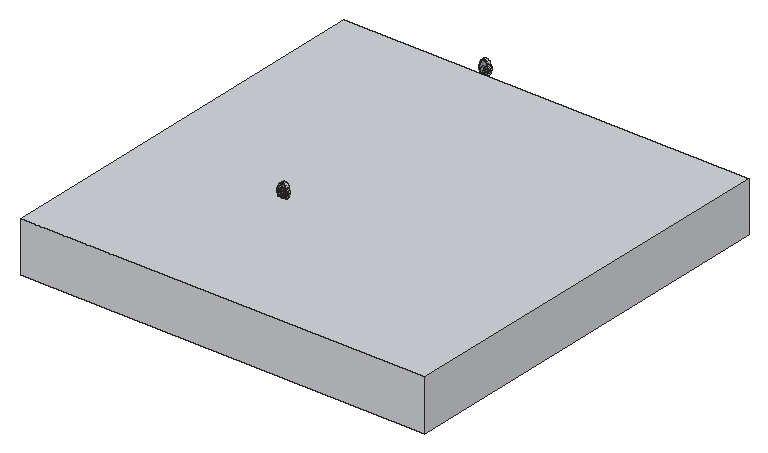
Revit family "Trade II Easy Lock", category Обобщенные модели, Revit 2017
Family settings
  Основа = Грань
  Может служить основой для арматурных стержней = Нет
  Размер круглого соединителя = Использовать диаметр
  Тип детали = Нормальный
  При загрузке вырезать с полостями = Нет
  Общий = Нет
  Точка расчета площади = Нет
Parameters
  Расстояние от светильника до плоскости = Расстояние до плоскости + 72 mm  # 422 mm
  Расстояние до плоскости = 350 mm
  Default Elevation = 1219.2 mm
  Начало профиля = 750 mm
  Начало выделения = Начало профиля  # 750 mm
  Конец профиля = Начало профиля  # 750 mm
  Конец выделения = Конец профиля  # 750 mm
  Длина профиля = Начало профиля * 2  # 1500 mm
Reference planes
  plane 1 "По центру (Вперед/Назад)": y = 0
  plane 2: z = 0
  plane 3 "По центру (Влево/Вправо)": x = 0
  plane 4 "Плоскость низа светильника": z = 350
  plane 5 "Начало выд": y = -750
  plane 6 "Конец выд": y = 750
Forms (mm)
  Extrusion 1, solid
    sketch origin (0, 0, 0) x (1, 0, 0) y (0, 1, 0)
      loop
        line (-1219.2, 1219.2) -> (-1219.2, -1219.2) -> (1219.2, -1219.2) -> (1219.2, 1219.2) -> (-1219.2, 1219.2)
    from 0 to -304.8
  Extrusion 2, solid, material "Каучук, черный"
    sketch origin (0, 750, 0) x (0, 0, -1) y (1, 0, 0)
      loop
        line (-372.479, 21.269) -> (-377.454, 21.269)
        arc (-377.454, 21.269) -> (-378.602, 21.041) -> (-379.576, 20.39) r 3
        line (-379.576, 20.39) -> (-385.35, 14.616)
        arc (-385.35, 14.616) -> (-386.001, 13.642) -> (-386.229, 12.494) r 3
        line (-386.229, 12.494) -> (-386.229, 6.574)
        arc (-386.229, 6.574) -> (-385.204, 4.099) -> (-382.729, 3.074) r 3.5
        line (-382.729, 3.074) -> (-372.479, 3.074) -> (-362.229, 3.074)
        arc (-362.229, 3.074) -> (-359.754, 4.099) -> (-358.729, 6.574) r 3.5
        line (-358.729, 6.574) -> (-358.729, 12.494)
        arc (-358.729, 12.494) -> (-358.957, 13.642) -> (-359.608, 14.616) r 3
        line (-359.608, 14.616) -> (-365.382, 20.39)
        arc (-365.382, 20.39) -> (-366.356, 21.041) -> (-367.504, 21.269) r 3
        line (-367.504, 21.269) -> (-372.479, 21.269)
      loop
        line (-380.435, 13.071) -> (-380.435, 6.514) -> (-377.559, 6.514) -> (-377.559, 13.071) -> (-380.435, 13.071)
      loop
        line (-364.523, 13.071) -> (-367.399, 13.071) -> (-367.399, 6.514) -> (-364.523, 6.514) -> (-364.523, 13.071)
      loop
        line (-371.041, 18.399) -> (-373.917, 18.399) -> (-373.917, 11.843) -> (-371.041, 11.843) -> (-371.041, 18.399)
      loop
        line (-372.479, -21.292) -> (-367.504, -21.292)
        arc (-367.504, -21.292) -> (-366.356, -21.064) -> (-365.382, -20.414) r 3
        line (-365.382, -20.414) -> (-359.608, -14.639)
        arc (-359.608, -14.639) -> (-358.957, -13.666) -> (-358.729, -12.518) r 3
        line (-358.729, -12.518) -> (-358.729, -6.597)
        arc (-358.729, -6.597) -> (-359.754, -4.123) -> (-362.229, -3.097) r 3.5
        line (-362.229, -3.097) -> (-372.479, -3.097) -> (-382.729, -3.097)
        arc (-382.729, -3.097) -> (-385.204, -4.123) -> (-386.229, -6.597) r 3.5
        line (-386.229, -6.597) -> (-386.229, -12.518)
        arc (-386.229, -12.518) -> (-386.001, -13.666) -> (-385.35, -14.639) r 3
        line (-385.35, -14.639) -> (-379.576, -20.414)
        arc (-379.576, -20.414) -> (-378.602, -21.064) -> (-377.454, -21.292) r 3
        line (-377.454, -21.292) -> (-372.479, -21.292)
      loop
        line (-380.435, -13.094) -> (-377.559, -13.094) -> (-377.559, -6.537) -> (-380.435, -6.537) -> (-380.435, -13.094)
      loop
        line (-364.523, -13.094) -> (-364.523, -6.537) -> (-367.399, -6.537) -> (-367.399, -13.094) -> (-364.523, -13.094)
      loop
        line (-371.041, -18.423) -> (-371.041, -11.866) -> (-373.917, -11.866) -> (-373.917, -18.423) -> (-371.041, -18.423)
    from -1 to -15
  Extrusion 3, solid, material "Поликарбонат, прозрачный"
    sketch origin (0, 750, 0) x (0, 0, -1) y (1, 0, 0)
      loop
        arc (-398.752, 21.086) -> (-413.465, 14.795) -> (-419.533, -0.012) r 21.1
        arc (-419.533, -0.012) -> (-413.465, -14.818) -> (-398.752, -21.109) r 21.1
        arc (-398.752, -21.109) -> (-395.801, -23.179) -> (-392.204, -23.41) r 6.666
        arc (-392.204, -23.41) -> (-387.349, -22.848) -> (-383.631, -26.02) r 6.12
        line (-383.631, -26.02) -> (-382.1, -29.159)
        arc (-382.1, -29.159) -> (-381.536, -29.747) -> (-380.75, -29.964) r 1.536
        line (-380.75, -29.964) -> (-372.479, -29.964) -> (-364.208, -29.964)
        arc (-364.208, -29.964) -> (-363.423, -29.748) -> (-362.859, -29.161) r 1.536
        line (-362.859, -29.161) -> (-361.333, -26.017)
        arc (-361.333, -26.017) -> (-357.413, -22.783) -> (-352.402, -23.624) r 6.12
        arc (-352.402, -23.624) -> (-349.184, -24.431) -> (-346.185, -23.012) r 4.919
        arc (-346.185, -23.012) -> (-345.496, -23.055) -> (-344.832, -22.871) r 2.071
        arc (-344.832, -22.871) -> (-344.246, -22.355) -> (-344.028, -21.606) r 1.397
        line (-344.028, -21.606) -> (-344.028, -5.649) -> (-350, -5.649) -> (-350, -0.012) -> (-350, 5.625) -> (-344.028, 5.625) -> (-344.028, 21.583)
        arc (-344.028, 21.583) -> (-344.246, 22.332) -> (-344.832, 22.848) r 1.397
        arc (-344.832, 22.848) -> (-345.496, 23.032) -> (-346.185, 22.988) r 2.071
        arc (-346.185, 22.988) -> (-349.184, 24.408) -> (-352.402, 23.601) r 4.919
        arc (-352.402, 23.601) -> (-357.413, 22.759) -> (-361.333, 25.993) r 6.12
        line (-361.333, 25.993) -> (-362.859, 29.137)
        arc (-362.859, 29.137) -> (-363.423, 29.725) -> (-364.208, 29.94) r 1.536
        line (-364.208, 29.94) -> (-372.479, 29.94) -> (-380.75, 29.94)
        arc (-380.75, 29.94) -> (-381.536, 29.724) -> (-382.1, 29.136) r 1.536
        line (-382.1, 29.136) -> (-383.631, 25.997)
        arc (-383.631, 25.997) -> (-387.349, 22.825) -> (-392.204, 23.386) r 6.12
        arc (-392.204, 23.386) -> (-395.801, 23.156) -> (-398.752, 21.086) r 6.666
    from 0 to -1
  Extrusion 4, solid, material "Поликарбонат, прозрачный"
    sketch origin (0, -750, 0) x (0, 0, -1) y (1, 0, 0)
      loop
        line (-344.028, 5.632) -> (-344.028, 21.59)
        arc (-344.028, 21.59) -> (-344.246, 22.339) -> (-344.832, 22.854) r 1.397
        arc (-344.832, 22.854) -> (-345.496, 23.039) -> (-346.185, 22.995) r 2.071
        arc (-346.185, 22.995) -> (-349.184, 24.415) -> (-352.402, 23.607) r 4.919
        arc (-352.402, 23.607) -> (-357.413, 22.766) -> (-361.333, 26) r 6.12
        line (-361.333, 26) -> (-362.859, 29.144)
        arc (-362.859, 29.144) -> (-363.423, 29.731) -> (-364.208, 29.947) r 1.536
        line (-364.208, 29.947) -> (-372.479, 29.947) -> (-380.75, 29.947)
        arc (-380.75, 29.947) -> (-381.536, 29.731) -> (-382.1, 29.143) r 1.536
        line (-382.1, 29.143) -> (-383.631, 26.003)
        arc (-383.631, 26.003) -> (-387.349, 22.832) -> (-392.204, 23.393) r 6.12
        arc (-392.204, 23.393) -> (-395.801, 23.163) -> (-398.752, 21.093) r 6.666
        arc (-398.752, 21.093) -> (-413.465, 14.802) -> (-419.533, -0.005) r 21.1
        arc (-419.533, -0.005) -> (-413.465, -14.811) -> (-398.752, -21.102) r 21.1
        arc (-398.752, -21.102) -> (-395.801, -23.172) -> (-392.204, -23.403) r 6.666
        arc (-392.204, -23.403) -> (-387.349, -22.841) -> (-383.631, -26.013) r 6.12
        line (-383.631, -26.013) -> (-382.1, -29.153)
        arc (-382.1, -29.153) -> (-381.536, -29.741) -> (-380.75, -29.957) r 1.536
        line (-380.75, -29.957) -> (-372.479, -29.957) -> (-364.208, -29.957)
        arc (-364.208, -29.957) -> (-363.423, -29.741) -> (-362.859, -29.154) r 1.536
        line (-362.859, -29.154) -> (-361.333, -26.01)
        arc (-361.333, -26.01) -> (-357.413, -22.776) -> (-352.402, -23.617) r 6.12
        arc (-352.402, -23.617) -> (-349.184, -24.424) -> (-346.185, -23.005) r 4.919
        arc (-346.185, -23.005) -> (-345.496, -23.049) -> (-344.832, -22.864) r 2.071
        arc (-344.832, -22.864) -> (-344.246, -22.348) -> (-344.028, -21.599) r 1.397
        line (-344.028, -21.599) -> (-344.028, -5.642) -> (-348, -5.642) -> (-350, -5.649) -> (-350, 5.625) -> (-348, 5.625) -> (-344.028, 5.632)
    from 0 to 1
  Extrusion 5, solid, material "Каучук, черный"
    sketch origin (0, -750, 0) x (0, 0, -1) y (1, 0, 0)
      loop
        line (-372.479, -21.292) -> (-367.504, -21.292)
        arc (-367.504, -21.292) -> (-366.356, -21.064) -> (-365.382, -20.414) r 3
        line (-365.382, -20.414) -> (-359.608, -14.639)
        arc (-359.608, -14.639) -> (-358.957, -13.666) -> (-358.729, -12.518) r 3
        line (-358.729, -12.518) -> (-358.729, -6.597)
        arc (-358.729, -6.597) -> (-359.754, -4.123) -> (-362.229, -3.097) r 3.5
        line (-362.229, -3.097) -> (-372.479, -3.097) -> (-382.729, -3.097)
        arc (-382.729, -3.097) -> (-385.204, -4.123) -> (-386.229, -6.597) r 3.5
        line (-386.229, -6.597) -> (-386.229, -12.518)
        arc (-386.229, -12.518) -> (-386.001, -13.666) -> (-385.35, -14.639) r 3
        line (-385.35, -14.639) -> (-379.576, -20.414)
        arc (-379.576, -20.414) -> (-378.602, -21.064) -> (-377.454, -21.292) r 3
        line (-377.454, -21.292) -> (-372.479, -21.292)
      loop
        arc (-384.029, -12.426) -> (-383.951, -12.817) -> (-383.73, -13.148) r 1.021
        line (-383.73, -13.148) -> (-378.126, -18.752)
        arc (-378.126, -18.752) -> (-377.749, -19.004) -> (-377.304, -19.092) r 1.162
        line (-377.304, -19.092) -> (-372.479, -19.092) -> (-367.654, -19.092)
        arc (-367.654, -19.092) -> (-367.209, -19.004) -> (-366.832, -18.752) r 1.162
        line (-366.832, -18.752) -> (-361.228, -13.148)
        arc (-361.228, -13.148) -> (-361.007, -12.817) -> (-360.929, -12.426) r 1.021
        line (-360.929, -12.426) -> (-360.929, -6.597)
        arc (-360.929, -6.597) -> (-361.31, -5.678) -> (-362.229, -5.297) r 1.3
        line (-362.229, -5.297) -> (-372.479, -5.297) -> (-382.729, -5.297)
        arc (-382.729, -5.297) -> (-383.648, -5.678) -> (-384.029, -6.597) r 1.3
        line (-384.029, -6.597) -> (-384.029, -12.426)
      loop
        line (-372.479, 21.269) -> (-377.454, 21.269)
        arc (-377.454, 21.269) -> (-378.602, 21.041) -> (-379.576, 20.39) r 3
        line (-379.576, 20.39) -> (-385.35, 14.616)
        arc (-385.35, 14.616) -> (-386.001, 13.642) -> (-386.229, 12.494) r 3
        line (-386.229, 12.494) -> (-386.229, 6.574)
        arc (-386.229, 6.574) -> (-385.204, 4.099) -> (-382.729, 3.074) r 3.5
        line (-382.729, 3.074) -> (-372.479, 3.074) -> (-362.229, 3.074)
        arc (-362.229, 3.074) -> (-359.754, 4.099) -> (-358.729, 6.574) r 3.5
        line (-358.729, 6.574) -> (-358.729, 12.494)
        arc (-358.729, 12.494) -> (-358.957, 13.642) -> (-359.608, 14.616) r 3
        line (-359.608, 14.616) -> (-365.382, 20.39)
        arc (-365.382, 20.39) -> (-366.356, 21.041) -> (-367.504, 21.269) r 3
        line (-367.504, 21.269) -> (-372.479, 21.269)
      loop
        line (-384.029, 12.403) -> (-384.029, 6.574)
        arc (-384.029, 6.574) -> (-383.648, 5.655) -> (-382.729, 5.274) r 1.3
        line (-382.729, 5.274) -> (-372.479, 5.274) -> (-362.229, 5.274)
        arc (-362.229, 5.274) -> (-361.31, 5.655) -> (-360.929, 6.574) r 1.3
        line (-360.929, 6.574) -> (-360.929, 12.403)
        arc (-360.929, 12.403) -> (-361.007, 12.794) -> (-361.228, 13.125) r 1.021
        line (-361.228, 13.125) -> (-366.832, 18.729)
        arc (-366.832, 18.729) -> (-367.209, 18.981) -> (-367.654, 19.069) r 1.162
        line (-367.654, 19.069) -> (-372.479, 19.069) -> (-377.304, 19.069)
        arc (-377.304, 19.069) -> (-377.749, 18.981) -> (-378.126, 18.729) r 1.162
        line (-378.126, 18.729) -> (-383.73, 13.125)
        arc (-383.73, 13.125) -> (-383.951, 12.794) -> (-384.029, 12.403) r 1.021
    from 1 to 15
  Extrusion 6, solid, material "Алюминий"
    sketch origin (0, -750, 0) x (0, 0, -1) y (1, 0, 0)
      loop
        line (-371.841, -17.623) -> (-371.841, -12.666) -> (-373.117, -12.666) -> (-373.117, -17.623) -> (-371.841, -17.623)
      loop
        line (-366.599, -12.294) -> (-365.323, -12.294) -> (-365.323, -7.337) -> (-366.599, -7.337) -> (-366.599, -12.294)
      loop
        line (-378.359, -7.337) -> (-379.635, -7.337) -> (-379.635, -12.294) -> (-378.359, -12.294) -> (-378.359, -7.337)
      loop
        line (-371.841, 17.599) -> (-373.117, 17.599) -> (-373.117, 12.643) -> (-371.841, 12.643) -> (-371.841, 17.599)
      loop
        line (-366.599, 12.271) -> (-366.599, 7.314) -> (-365.323, 7.314) -> (-365.323, 12.271) -> (-366.599, 12.271)
      loop
        line (-378.359, 7.314) -> (-378.359, 12.271) -> (-379.635, 12.271) -> (-379.635, 7.314) -> (-378.359, 7.314)
    from 1 to 15
  Extrusion 7, solid
    sketch origin (0, -750, 0) x (0, 0, -1) y (1, 0, 0)
      loop
        arc (-419.533, -0.005) -> (-413.465, -14.811) -> (-398.752, -21.102) r 21.1
        arc (-398.752, -21.102) -> (-395.801, -23.172) -> (-392.204, -23.403) r 6.666
        arc (-392.204, -23.403) -> (-387.349, -22.841) -> (-383.631, -26.013) r 6.12
        line (-383.631, -26.013) -> (-382.1, -29.153)
        arc (-382.1, -29.153) -> (-381.536, -29.741) -> (-380.75, -29.957) r 1.536
        line (-380.75, -29.957) -> (-372.479, -29.957) -> (-364.208, -29.957)
        arc (-364.208, -29.957) -> (-363.423, -29.741) -> (-362.859, -29.154) r 1.536
        line (-362.859, -29.154) -> (-361.333, -26.01)
        arc (-361.333, -26.01) -> (-357.413, -22.776) -> (-352.402, -23.617) r 6.12
        arc (-352.402, -23.617) -> (-349.184, -24.424) -> (-346.185, -23.005) r 4.919
        arc (-346.185, -23.005) -> (-345.496, -23.049) -> (-344.832, -22.864) r 2.071
        arc (-344.832, -22.864) -> (-344.246, -22.348) -> (-344.028, -21.599) r 1.397
        line (-344.028, -21.599) -> (-344.028, -5.642) -> (-348, -5.642) -> (-350, -5.649) -> (-350, -0.012) -> (-350, 5.639) -> (-348, 5.639) -> (-344.028, 5.632) -> (-344.028, 21.59)
        arc (-344.028, 21.59) -> (-344.246, 22.339) -> (-344.832, 22.854) r 1.397
        arc (-344.832, 22.854) -> (-345.496, 23.039) -> (-346.185, 22.995) r 2.071
        arc (-346.185, 22.995) -> (-349.184, 24.415) -> (-352.402, 23.607) r 4.919
        arc (-352.402, 23.607) -> (-357.413, 22.766) -> (-361.333, 26) r 6.12
        line (-361.333, 26) -> (-362.859, 29.144)
        arc (-362.859, 29.144) -> (-363.423, 29.731) -> (-364.208, 29.947) r 1.536
        line (-364.208, 29.947) -> (-372.479, 29.947) -> (-380.75, 29.947)
        arc (-380.75, 29.947) -> (-381.536, 29.731) -> (-382.1, 29.143) r 1.536
        line (-382.1, 29.143) -> (-383.631, 26.003)
        arc (-383.631, 26.003) -> (-387.349, 22.832) -> (-392.204, 23.393) r 6.12
        arc (-392.204, 23.393) -> (-395.801, 23.163) -> (-398.752, 21.093) r 6.666
        arc (-398.752, 21.093) -> (-413.465, 14.802) -> (-419.533, -0.005) r 21.1
      loop
        arc (-421.533, -0.005) -> (-415.194, -15.9) -> (-399.657, -23.072) r 23.1
        arc (-399.657, -23.072) -> (-395.831, -25.254) -> (-391.427, -25.274) r 8.666
        arc (-391.427, -25.274) -> (-388.06, -24.718) -> (-385.429, -26.89) r 4.12
        line (-385.429, -26.89) -> (-383.883, -30.06)
        arc (-383.883, -30.06) -> (-382.581, -31.446) -> (-380.75, -31.957) r 3.536
        line (-380.75, -31.957) -> (-372.479, -31.957) -> (-364.208, -31.957)
        arc (-364.208, -31.957) -> (-362.377, -31.446) -> (-361.075, -30.06) r 3.536
        line (-361.075, -30.06) -> (-359.534, -26.884)
        arc (-359.534, -26.884) -> (-356.893, -24.707) -> (-353.519, -25.276) r 4.12
        arc (-353.519, -25.276) -> (-349.474, -26.446) -> (-345.501, -25.054) r 6.919
        arc (-345.501, -25.054) -> (-344.724, -24.938) -> (-343.983, -24.675) r 4.071
        arc (-343.983, -24.675) -> (-342.558, -23.421) -> (-342.028, -21.599) r 3.397
        line (-342.028, -21.599) -> (-342.028, -3.642) -> (-348, -3.642) -> (-348, -0.012) -> (-348, 3.632) -> (-342.028, 3.632) -> (-342.028, 21.59)
        arc (-342.028, 21.59) -> (-342.558, 23.412) -> (-343.983, 24.665) r 3.397
        arc (-343.983, 24.665) -> (-344.724, 24.929) -> (-345.501, 25.045) r 4.071
        arc (-345.501, 25.045) -> (-349.474, 26.436) -> (-353.519, 25.267) r 6.919
        arc (-353.519, 25.267) -> (-356.893, 24.698) -> (-359.534, 26.875) r 4.12
        line (-359.534, 26.875) -> (-361.075, 30.05)
        arc (-361.075, 30.05) -> (-362.377, 31.436) -> (-364.208, 31.947) r 3.536
        line (-364.208, 31.947) -> (-372.479, 31.947) -> (-380.75, 31.947)
        arc (-380.75, 31.947) -> (-382.581, 31.436) -> (-383.883, 30.05) r 3.536
        line (-383.883, 30.05) -> (-385.429, 26.88)
        arc (-385.429, 26.88) -> (-388.06, 24.708) -> (-391.427, 25.265) r 4.12
        arc (-391.427, 25.265) -> (-395.831, 25.245) -> (-399.657, 23.063) r 8.666
        arc (-399.657, 23.063) -> (-415.194, 15.891) -> (-421.533, -0.005) r 23.1
    from 0 to 18
  Extrusion 8, solid
    sketch origin (0, 750, 0) x (0, 0, -1) y (1, 0, 0)
      loop
        arc (-419.526, -0.004) -> (-413.459, -14.811) -> (-398.746, -21.101) r 21.1
        arc (-398.746, -21.101) -> (-395.795, -23.171) -> (-392.197, -23.402) r 6.666
        arc (-392.197, -23.402) -> (-387.343, -22.84) -> (-383.625, -26.012) r 6.12
        line (-383.625, -26.012) -> (-382.093, -29.152)
        arc (-382.093, -29.152) -> (-381.529, -29.74) -> (-380.743, -29.956) r 1.536
        line (-380.743, -29.956) -> (-372.472, -29.956) -> (-364.202, -29.956)
        arc (-364.202, -29.956) -> (-363.416, -29.74) -> (-362.852, -29.153) r 1.536
        line (-362.852, -29.153) -> (-361.326, -26.009)
        arc (-361.326, -26.009) -> (-357.406, -22.775) -> (-352.395, -23.616) r 6.12
        arc (-352.395, -23.616) -> (-349.177, -24.424) -> (-346.178, -23.004) r 4.919
        arc (-346.178, -23.004) -> (-345.49, -23.048) -> (-344.825, -22.863) r 2.071
        arc (-344.825, -22.863) -> (-344.239, -22.348) -> (-344.021, -21.598) r 1.397
        line (-344.021, -21.598) -> (-344.021, -5.641) -> (-347.993, -5.641) -> (-349.993, -5.648) -> (-349.993, -0.011) -> (-349.993, 5.64) -> (-347.993, 5.64) -> (-344.021, 5.633) -> (-344.021, 21.59)
        arc (-344.021, 21.59) -> (-344.239, 22.34) -> (-344.825, 22.855) r 1.397
        arc (-344.825, 22.855) -> (-345.49, 23.04) -> (-346.178, 22.996) r 2.071
        arc (-346.178, 22.996) -> (-349.177, 24.416) -> (-352.395, 23.608) r 4.919
        arc (-352.395, 23.608) -> (-357.406, 22.767) -> (-361.326, 26.001) r 6.12
        line (-361.326, 26.001) -> (-362.852, 29.145)
        arc (-362.852, 29.145) -> (-363.416, 29.732) -> (-364.202, 29.948) r 1.536
        line (-364.202, 29.948) -> (-372.472, 29.948) -> (-380.743, 29.948)
        arc (-380.743, 29.948) -> (-381.529, 29.732) -> (-382.093, 29.144) r 1.536
        line (-382.093, 29.144) -> (-383.625, 26.004)
        arc (-383.625, 26.004) -> (-387.343, 22.833) -> (-392.197, 23.394) r 6.12
        arc (-392.197, 23.394) -> (-395.795, 23.163) -> (-398.746, 21.094) r 6.666
        arc (-398.746, 21.094) -> (-413.459, 14.803) -> (-419.526, -0.004) r 21.1
      loop
        arc (-421.526, -0.004) -> (-415.188, -15.899) -> (-399.65, -23.071) r 23.1
        arc (-399.65, -23.071) -> (-395.824, -25.254) -> (-391.42, -25.273) r 8.666
        arc (-391.42, -25.273) -> (-388.054, -24.717) -> (-385.422, -26.889) r 4.12
        line (-385.422, -26.889) -> (-383.876, -30.059)
        arc (-383.876, -30.059) -> (-382.575, -31.445) -> (-380.743, -31.956) r 3.536
        line (-380.743, -31.956) -> (-372.472, -31.956) -> (-364.202, -31.956)
        arc (-364.202, -31.956) -> (-362.37, -31.445) -> (-361.068, -30.059) r 3.536
        line (-361.068, -30.059) -> (-359.527, -26.883)
        arc (-359.527, -26.883) -> (-356.887, -24.706) -> (-353.512, -25.275) r 4.12
        arc (-353.512, -25.275) -> (-349.468, -26.445) -> (-345.494, -25.053) r 6.919
        arc (-345.494, -25.053) -> (-344.717, -24.937) -> (-343.976, -24.674) r 4.071
        arc (-343.976, -24.674) -> (-342.551, -23.421) -> (-342.021, -21.598) r 3.397
        line (-342.021, -21.598) -> (-342.021, -3.641) -> (-347.993, -3.641) -> (-347.993, -0.011) -> (-347.993, 3.633) -> (-342.021, 3.633) -> (-342.021, 21.59)
        arc (-342.021, 21.59) -> (-342.551, 23.413) -> (-343.976, 24.666) r 3.397
        arc (-343.976, 24.666) -> (-344.717, 24.93) -> (-345.494, 25.046) r 4.071
        arc (-345.494, 25.046) -> (-349.468, 26.437) -> (-353.512, 25.267) r 6.919
        arc (-353.512, 25.267) -> (-356.887, 24.698) -> (-359.527, 26.875) r 4.12
        line (-359.527, 26.875) -> (-361.068, 30.051)
        arc (-361.068, 30.051) -> (-362.37, 31.437) -> (-364.202, 31.948) r 3.536
        line (-364.202, 31.948) -> (-372.472, 31.948) -> (-380.743, 31.948)
        arc (-380.743, 31.948) -> (-382.575, 31.437) -> (-383.876, 30.051) r 3.536
        line (-383.876, 30.051) -> (-385.422, 26.881)
        arc (-385.422, 26.881) -> (-388.054, 24.709) -> (-391.42, 25.265) r 4.12
        arc (-391.42, 25.265) -> (-395.824, 25.246) -> (-399.65, 23.064) r 8.666
        arc (-399.65, 23.064) -> (-415.188, 15.892) -> (-421.526, -0.004) r 23.1
    from 0 to -18
Dimensions and locks
  "Расстояние до плоскости": plane 4 "Плоскость низа светильника" to Extrusion 1
  "Начало выделения": plane 5 "Начало выд" to plane 1 "По центру (Вперед/Назад)"
  "Конец выделения": plane 1 "По центру (Вперед/Назад)" to plane 6 "Конец выд"
  aligned and locked: plane 2 to Extrusion 1
  aligned and locked: level to Extrusion 1
Automatic sketch dimensions
  Extrusion 1 sketch curve to Extrusion 1 sketch curve = 2438.4 mm  (x2)
  Extrusion 3 sketch curve to Extrusion 3 sketch curve = 0 mm  (x2)
  Extrusion 3 sketch curve to plane 4 "Плоскость низа светильника" = 0 mm
  plane 4 "Плоскость низа светильника" to Extrusion 3 sketch curve = 5.829 mm  (x2)
  Extrusion 3 sketch curve to Extrusion 3 sketch curve = 5.503 mm  (x2)
  Extrusion 3 sketch curve to Extrusion 3 sketch curve = 1.526 mm  (x2)
  Extrusion 3 sketch curve to Extrusion 3 sketch curve = 1.35 mm  (x4)
  Extrusion 3 sketch curve to Extrusion 3 sketch curve = 8.271 mm  (x4)
  Extrusion 3 sketch curve to Extrusion 3 sketch curve = 1.531 mm  (x2)
  Extrusion 3 sketch curve to Extrusion 3 sketch curve = 5.501 mm  (x2)
  Extrusion 3 sketch curve to Extrusion 3 sketch curve = 4.46 mm  (x2)
  Extrusion 3 sketch curve to plane 3 "По центру (Влево/Вправо)" = 0.012 mm  (x2)
  Extrusion 3 sketch curve to Extrusion 3 sketch curve = 4.841 mm
  Extrusion 3 sketch curve to plane 4 "Плоскость низа светильника" = 0.334 mm  (x2)
  Extrusion 3 sketch curve to Extrusion 3 sketch curve = 3.955 mm  (x2)
  Extrusion 3 sketch curve to Extrusion 3 sketch curve = 0.286 mm  (x2)
  Extrusion 3 sketch curve to Extrusion 3 sketch curve = 1.397 mm
  Extrusion 3 sketch curve to plane 4 "Плоскость низа светильника" = 5.972 mm
  Extrusion 3 sketch curve to plane 3 "По центру (Влево/Вправо)" = 5.649 mm
  Extrusion 3 sketch curve to plane 3 "По центру (Влево/Вправо)" = 16.89 mm
  Extrusion 3 sketch curve to Extrusion 3 sketch curve = 13.888 mm  (x2)
  Extrusion 3 sketch curve to Extrusion 3 sketch curve = 1.459 mm  (x2)
  Extrusion 3 sketch curve to Extrusion 3 sketch curve = 0.611 mm  (x2)
  Extrusion 3 sketch curve to Extrusion 3 sketch curve = 6.48 mm  (x2)
  Extrusion 3 sketch curve to Extrusion 3 sketch curve = 9.13 mm  (x2)
  Extrusion 3 sketch curve to Extrusion 3 sketch curve = 2.408 mm  (x2)
  Extrusion 3 sketch curve to Extrusion 3 sketch curve = 2.412 mm  (x2)
  Extrusion 3 sketch curve to Extrusion 3 sketch curve = 2.678 mm  (x2)
  Extrusion 3 sketch curve to Extrusion 3 sketch curve = 2.683 mm  (x2)
  Extrusion 3 sketch curve to Extrusion 3 sketch curve = 0.731 mm  (x2)
  plane 3 "По центру (Влево/Вправо)" to Extrusion 3 sketch curve = 5.625 mm
  plane 3 "По центру (Влево/Вправо)" to Extrusion 3 sketch curve = 16.867 mm
  plane 4 "Плоскость низа светильника" to Extrusion 3 sketch curve = 2.402 mm  (x2)
  Extrusion 3 sketch curve to Extrusion 3 sketch curve = 3.072 mm  (x2)
  Extrusion 3 sketch curve to Extrusion 3 sketch curve = 5.16 mm
  Extrusion 3 sketch curve to Extrusion 3 sketch curve = 1.353 mm  (x2)
  plane 4 "Плоскость низа светильника" to Extrusion 2 sketch curve = 36.229 mm
  Extrusion 2 sketch curve to Extrusion 2 sketch curve = 0 mm  (x2)
  plane 3 "По центру (Влево/Вправо)" to Extrusion 2 sketch curve = 14.616 mm
  Extrusion 2 sketch curve to Extrusion 2 sketch curve = 0.879 mm  (x2)
  Extrusion 2 sketch curve to plane 3 "По центру (Влево/Вправо)" = 14.639 mm
  Extrusion 2 sketch curve to Extrusion 2 sketch curve = 3 mm
  Extrusion 2 sketch curve to Extrusion 2 sketch curve = 2.121 mm  (x9)
  Extrusion 2 sketch curve to Extrusion 2 sketch curve = 3.5 mm  (x4)
  Extrusion 2 sketch curve to Extrusion 2 sketch curve = 2.295 mm  (x4)
  Extrusion 2 sketch curve to Extrusion 2 sketch curve = 0.859 mm  (x2)
  Extrusion 2 sketch curve to Extrusion 2 sketch curve = 2.876 mm  (x6)
  Extrusion 2 sketch curve to Extrusion 2 sketch curve = 3.642 mm  (x2)
  Extrusion 2 sketch curve to Extrusion 2 sketch curve = 3.538 mm  (x3)
  Extrusion 2 sketch curve to Extrusion 2 sketch curve = 1.438 mm  (x2)
  plane 3 "По центру (Влево/Вправо)" to Extrusion 2 sketch curve = 3.074 mm
  Extrusion 2 sketch curve to Extrusion 2 sketch curve = 5.08 mm  (x3)
  Extrusion 2 sketch curve to plane 3 "По центру (Влево/Вправо)" = 3.097 mm
  Extrusion 2 sketch curve to Extrusion 2 sketch curve = 2.795 mm  (x2)
  Extrusion 2 sketch curve to Extrusion 2 sketch curve = 5.775 mm
  Extrusion 2 sketch curve to Extrusion 2 sketch curve = 0.13 mm  (x2)
  Extrusion 2 sketch curve to Extrusion 2 sketch curve = 8.042 mm
  Extrusion 2 sketch curve to Extrusion 2 sketch curve = 5.199 mm  (x4)
  Extrusion 2 sketch curve to Extrusion 2 sketch curve = 1.228 mm  (x2)
  Extrusion 2 sketch curve to Extrusion 2 sketch curve = 0.06 mm  (x4)
  Extrusion 2 sketch curve to Extrusion 2 sketch curve = 5.329 mm
  Extrusion 2 sketch curve to Extrusion 2 sketch curve = 5.92 mm
  Extrusion 2 sketch curve to Extrusion 2 sketch curve = 0.576 mm
  Extrusion 4 sketch curve to Extrusion 4 sketch curve = 0 mm  (x4)
  Extrusion 4 sketch curve to plane 4 "Плоскость низа светильника" = 0 mm
  plane 4 "Плоскость низа светильника" to Extrusion 4 sketch curve = 5.829 mm  (x2)
  Extrusion 4 sketch curve to Extrusion 4 sketch curve = 5.503 mm  (x2)
  Extrusion 4 sketch curve to Extrusion 4 sketch curve = 1.526 mm  (x2)
  Extrusion 4 sketch curve to Extrusion 4 sketch curve = 1.35 mm  (x4)
  Extrusion 4 sketch curve to Extrusion 4 sketch curve = 8.271 mm  (x4)
  Extrusion 4 sketch curve to Extrusion 4 sketch curve = 1.531 mm  (x2)
  Extrusion 4 sketch curve to Extrusion 4 sketch curve = 5.501 mm  (x2)
  Extrusion 4 sketch curve to Extrusion 4 sketch curve = 4.46 mm  (x2)
  Extrusion 4 sketch curve to plane 3 "По центру (Влево/Вправо)" = 0.005 mm
  Extrusion 4 sketch curve to Extrusion 4 sketch curve = 4.841 mm
  Extrusion 4 sketch curve to plane 4 "Плоскость низа светильника" = 0.334 mm  (x2)
  Extrusion 4 sketch curve to Extrusion 4 sketch curve = 3.955 mm  (x2)
  Extrusion 4 sketch curve to Extrusion 4 sketch curve = 0.286 mm  (x2)
  Extrusion 4 sketch curve to plane 4 "Плоскость низа светильника" = 5.972 mm  (x2)
  Extrusion 4 sketch curve to plane 3 "По центру (Влево/Вправо)" = 5.642 mm
  Extrusion 4 sketch curve to Extrusion 4 sketch curve = 0.007 mm  (x2)
  Extrusion 4 sketch curve to plane 3 "По центру (Влево/Вправо)" = 16.883 mm
  Extrusion 4 sketch curve to Extrusion 4 sketch curve = 13.881 mm
  Extrusion 4 sketch curve to Extrusion 4 sketch curve = 1.459 mm  (x2)
  Extrusion 4 sketch curve to Extrusion 4 sketch curve = 0.611 mm  (x2)
  Extrusion 4 sketch curve to Extrusion 4 sketch curve = 6.48 mm  (x2)
  Extrusion 4 sketch curve to Extrusion 4 sketch curve = 9.13 mm  (x2)
  Extrusion 4 sketch curve to Extrusion 4 sketch curve = 2.408 mm  (x2)
  Extrusion 4 sketch curve to Extrusion 4 sketch curve = 2.412 mm  (x2)
  Extrusion 4 sketch curve to Extrusion 4 sketch curve = 2.678 mm  (x2)
  Extrusion 4 sketch curve to Extrusion 4 sketch curve = 2.683 mm  (x2)
  Extrusion 4 sketch curve to Extrusion 4 sketch curve = 0.731 mm  (x2)
  plane 3 "По центру (Влево/Вправо)" to Extrusion 4 sketch curve = 5.625 mm
  plane 3 "По центру (Влево/Вправо)" to Extrusion 4 sketch curve = 16.874 mm
  Extrusion 4 sketch curve to Extrusion 4 sketch curve = 13.895 mm
  plane 4 "Плоскость низа светильника" to Extrusion 4 sketch curve = 2.402 mm  (x2)
  Extrusion 4 sketch curve to Extrusion 4 sketch curve = 3.072 mm  (x2)
  Extrusion 4 sketch curve to Extrusion 4 sketch curve = 5.16 mm
  Extrusion 4 sketch curve to plane 4 "Плоскость низа светильника" = 2 mm  (x2)
  Extrusion 4 sketch curve to Extrusion 4 sketch curve = 1.353 mm  (x2)
  Extrusion 6 sketch curve to plane 3 "По центру (Влево/Вправо)" = 12.294 mm
  plane 4 "Плоскость низа светильника" to Extrusion 6 sketch curve = 29.635 mm
  plane 3 "По центру (Влево/Вправо)" to Extrusion 6 sketch curve = 7.314 mm  (x2)
  Extrusion 6 sketch curve to Extrusion 6 sketch curve = 0 mm
  Extrusion 6 sketch curve to Extrusion 6 sketch curve = 1.276 mm  (x6)
  Extrusion 6 sketch curve to Extrusion 6 sketch curve = 5.242 mm  (x4)
  Extrusion 6 sketch curve to Extrusion 6 sketch curve = 0.372 mm  (x3)
  Extrusion 6 sketch curve to Extrusion 6 sketch curve = 4.957 mm  (x6)
  Extrusion 5 sketch curve to Extrusion 5 sketch curve = 0 mm  (x16)
  plane 3 "По центру (Влево/Вправо)" to Extrusion 5 sketch curve = 6.574 mm
  plane 4 "Плоскость низа светильника" to Extrusion 5 sketch curve = 36.229 mm
  Extrusion 5 sketch curve to plane 3 "По центру (Влево/Вправо)" = 14.639 mm
  Extrusion 5 sketch curve to Extrusion 5 sketch curve = 0.879 mm  (x2)
  plane 3 "По центру (Влево/Вправо)" to Extrusion 5 sketch curve = 14.616 mm
  Extrusion 5 sketch curve to Extrusion 5 sketch curve = 2.2 mm  (x2)
  plane 3 "По центру (Влево/Вправо)" to Extrusion 5 sketch curve = 13.125 mm
  Extrusion 5 sketch curve to Extrusion 5 sketch curve = 0.299 mm  (x3)
  Extrusion 5 sketch curve to plane 3 "По центру (Влево/Вправо)" = 13.148 mm
  Extrusion 5 sketch curve to Extrusion 5 sketch curve = 0.8 mm  (x2)
  Extrusion 5 sketch curve to Extrusion 5 sketch curve = 0.221 mm  (x4)
  Extrusion 5 sketch curve to Extrusion 5 sketch curve = 1.3 mm  (x3)
  Extrusion 5 sketch curve to Extrusion 5 sketch curve = 5.775 mm  (x2)
  Extrusion 5 sketch curve to Extrusion 5 sketch curve = 1.45 mm  (x4)
  Extrusion 5 sketch curve to Extrusion 5 sketch curve = 2.121 mm
  Extrusion 5 sketch curve to Extrusion 5 sketch curve = 0.672 mm  (x3)
  Extrusion 5 sketch curve to Extrusion 5 sketch curve = 0.15 mm  (x4)
  Extrusion 5 sketch curve to plane 3 "По центру (Влево/Вправо)" = 5.297 mm
  Extrusion 5 sketch curve to Extrusion 5 sketch curve = 10.25 mm  (x2)
  Extrusion 5 sketch curve to Extrusion 5 sketch curve = 4.825 mm  (x3)
  Extrusion 5 sketch curve to Extrusion 5 sketch curve = 4.975 mm
  Extrusion 5 sketch curve to Extrusion 5 sketch curve = 0.279 mm  (x2)
  Extrusion 5 sketch curve to Extrusion 5 sketch curve = 0.501 mm  (x2)
  Extrusion 5 sketch curve to Extrusion 5 sketch curve = 1.62 mm  (x2)
  Extrusion 5 sketch curve to Extrusion 5 sketch curve = 5.504 mm  (x3)
  Extrusion 5 sketch curve to Extrusion 5 sketch curve = 0.362 mm  (x4)
  Extrusion 5 sketch curve to Extrusion 5 sketch curve = 0.46 mm  (x2)
  Extrusion 5 sketch curve to Extrusion 5 sketch curve = 1.662 mm  (x2)
  Extrusion 5 sketch curve to Extrusion 5 sketch curve = 8.042 mm
  Extrusion 5 sketch curve to Extrusion 5 sketch curve = 0.63 mm
  Extrusion 5 sketch curve to Extrusion 5 sketch curve = 5.829 mm
  Extrusion 5 sketch curve to Extrusion 5 sketch curve = 0.091 mm
  Extrusion 7 sketch curve to Extrusion 7 sketch curve = 0 mm  (x48)
  Extrusion 7 sketch curve to plane 4 "Плоскость низа светильника" = 0 mm
  plane 4 "Плоскость низа светильника" to Extrusion 7 sketch curve = 5.829 mm  (x2)
  Extrusion 7 sketch curve to Extrusion 7 sketch curve = 3.705 mm  (x2)
  Extrusion 7 sketch curve to Extrusion 7 sketch curve = 1.541 mm  (x2)
  Extrusion 7 sketch curve to Extrusion 7 sketch curve = 1.799 mm  (x2)
  Extrusion 7 sketch curve to Extrusion 7 sketch curve = 1.783 mm  (x4)
  Extrusion 7 sketch curve to Extrusion 7 sketch curve = 1.35 mm  (x4)
  Extrusion 7 sketch curve to Extrusion 7 sketch curve = 8.271 mm  (x4)
  Extrusion 7 sketch curve to Extrusion 7 sketch curve = 1.531 mm  (x2)
  Extrusion 7 sketch curve to Extrusion 7 sketch curve = 1.798 mm  (x2)
  Extrusion 7 sketch curve to Extrusion 7 sketch curve = 3.703 mm  (x2)
  Extrusion 7 sketch curve to Extrusion 7 sketch curve = 4.46 mm  (x2)
  Extrusion 7 sketch curve to plane 3 "По центру (Влево/Вправо)" = 0.005 mm
  Extrusion 7 sketch curve to Extrusion 7 sketch curve = 4.841 mm
  Extrusion 7 sketch curve to plane 4 "Плоскость низа светильника" = 0.334 mm  (x2)
  Extrusion 7 sketch curve to plane 4 "Плоскость низа светильника" = 2 mm  (x2)
  Extrusion 7 sketch curve to Extrusion 7 sketch curve = 3.955 mm  (x2)
  Extrusion 7 sketch curve to Extrusion 7 sketch curve = 0.286 mm  (x2)
  Extrusion 7 sketch curve to Extrusion 7 sketch curve = 3.972 mm
  Extrusion 7 sketch curve to Extrusion 7 sketch curve = 1.397 mm
  Extrusion 7 sketch curve to Extrusion 7 sketch curve = 2 mm  (x5)
  Extrusion 7 sketch curve to plane 3 "По центру (Влево/Вправо)" = 0.012 mm  (x2)
  Extrusion 7 sketch curve to Extrusion 7 sketch curve = 3.63 mm
  Extrusion 7 sketch curve to Extrusion 7 sketch curve = 0.007 mm  (x2)
  Extrusion 7 sketch curve to plane 3 "По центру (Влево/Вправо)" = 16.883 mm
  Extrusion 7 sketch curve to Extrusion 7 sketch curve = 13.881 mm  (x2)
  Extrusion 7 sketch curve to Extrusion 7 sketch curve = 1.459 mm  (x2)
  Extrusion 7 sketch curve to Extrusion 7 sketch curve = 0.611 mm  (x2)
  Extrusion 7 sketch curve to Extrusion 7 sketch curve = 6.48 mm  (x2)
  Extrusion 7 sketch curve to Extrusion 7 sketch curve = 9.13 mm  (x2)
  Extrusion 7 sketch curve to Extrusion 7 sketch curve = 0.874 mm  (x2)
  Extrusion 7 sketch curve to Extrusion 7 sketch curve = 0.877 mm  (x2)
  Extrusion 7 sketch curve to Extrusion 7 sketch curve = 2.412 mm  (x2)
  Extrusion 7 sketch curve to Extrusion 7 sketch curve = 2.408 mm  (x2)
  Extrusion 7 sketch curve to Extrusion 7 sketch curve = 1.804 mm  (x2)
  Extrusion 7 sketch curve to Extrusion 7 sketch curve = 1.806 mm  (x2)
  Extrusion 7 sketch curve to Extrusion 7 sketch curve = 0.731 mm  (x2)
  Extrusion 7 sketch curve to Extrusion 7 sketch curve = 0.907 mm
  plane 3 "По центру (Влево/Вправо)" to Extrusion 7 sketch curve = 3.632 mm
  plane 3 "По центру (Влево/Вправо)" to Extrusion 7 sketch curve = 16.874 mm
  Extrusion 7 sketch curve to Extrusion 7 sketch curve = 0.906 mm
  plane 4 "Плоскость низа светильника" to Extrusion 7 sketch curve = 2.402 mm  (x2)
  Extrusion 7 sketch curve to Extrusion 7 sketch curve = 1.117 mm  (x2)
  Extrusion 7 sketch curve to Extrusion 7 sketch curve = 2.295 mm  (x2)
  Extrusion 7 sketch curve to Extrusion 7 sketch curve = 0.778 mm  (x2)
  Extrusion 7 sketch curve to Extrusion 7 sketch curve = 5.16 mm
  Extrusion 7 sketch curve to Extrusion 7 sketch curve = 0.905 mm
  Extrusion 7 sketch curve to Extrusion 7 sketch curve = 1.353 mm  (x2)
  Extrusion 7 sketch curve to Extrusion 7 sketch curve = 1.518 mm  (x2)
  Extrusion 8 sketch curve to Extrusion 8 sketch curve = 0 mm  (x49)
  Extrusion 8 sketch curve to plane 3 "По центру (Влево/Вправо)" = 0.004 mm
  plane 4 "Плоскость низа светильника" to Extrusion 8 sketch curve = 48.426 mm
  Extrusion 8 sketch curve to Extrusion 8 sketch curve = 4.841 mm  (x2)
  Extrusion 8 sketch curve to Extrusion 8 sketch curve = 4.46 mm  (x2)
  Extrusion 8 sketch curve to Extrusion 8 sketch curve = 3.703 mm  (x2)
  Extrusion 8 sketch curve to plane 3 "По центру (Влево/Вправо)" = 26.889 mm
  Extrusion 8 sketch curve to Extrusion 8 sketch curve = 1.546 mm  (x2)
  Extrusion 8 sketch curve to Extrusion 8 sketch curve = 1.798 mm  (x2)
  Extrusion 8 sketch curve to Extrusion 8 sketch curve = 1.783 mm  (x4)
  Extrusion 8 sketch curve to Extrusion 8 sketch curve = 1.35 mm  (x4)
  Extrusion 8 sketch curve to Extrusion 8 sketch curve = 8.271 mm  (x4)
  Extrusion 8 sketch curve to Extrusion 8 sketch curve = 1.526 mm  (x2)
  Extrusion 8 sketch curve to Extrusion 8 sketch curve = 1.799 mm  (x2)
  Extrusion 8 sketch curve to Extrusion 8 sketch curve = 3.705 mm  (x2)
  Extrusion 8 sketch curve to plane 4 "Плоскость низа светильника" = 0.007 mm
  Extrusion 8 sketch curve to plane 4 "Плоскость низа светильника" = 0.341 mm  (x2)
  Extrusion 8 sketch curve to plane 4 "Плоскость низа светильника" = 2.007 mm
  Extrusion 8 sketch curve to Extrusion 8 sketch curve = 3.955 mm  (x2)
  Extrusion 8 sketch curve to Extrusion 8 sketch curve = 0.286 mm  (x2)
  Extrusion 8 sketch curve to Extrusion 8 sketch curve = 3.972 mm
  Extrusion 8 sketch curve to Extrusion 8 sketch curve = 1.397 mm
  Extrusion 8 sketch curve to Extrusion 8 sketch curve = 2 mm  (x6)
  Extrusion 8 sketch curve to Extrusion 8 sketch curve = 1.532 mm  (x2)
  Extrusion 8 sketch curve to Extrusion 8 sketch curve = 0.266 mm
  Extrusion 8 sketch curve to Extrusion 8 sketch curve = 1.806 mm  (x2)
  Extrusion 8 sketch curve to Extrusion 8 sketch curve = 0.731 mm  (x2)
  Extrusion 8 sketch curve to Extrusion 8 sketch curve = 0.907 mm
  Extrusion 8 sketch curve to Extrusion 8 sketch curve = 3.176 mm
  Extrusion 8 sketch curve to Extrusion 8 sketch curve = 0.877 mm  (x2)
  Extrusion 8 sketch curve to Extrusion 8 sketch curve = 0.874 mm  (x2)
  Extrusion 8 sketch curve to Extrusion 8 sketch curve = 7.088 mm
  Extrusion 8 sketch curve to Extrusion 8 sketch curve = 0.611 mm  (x2)
  Extrusion 8 sketch curve to Extrusion 8 sketch curve = 1.459 mm  (x2)
  Extrusion 8 sketch curve to Extrusion 8 sketch curve = 11.813 mm
  Extrusion 8 sketch curve to plane 3 "По центру (Влево/Вправо)" = 5.648 mm
  Extrusion 8 sketch curve to Extrusion 8 sketch curve = 0.007 mm  (x2)
  Extrusion 8 sketch curve to plane 3 "По центру (Влево/Вправо)" = 0.011 mm  (x2)
  plane 3 "По центру (Влево/Вправо)" to Extrusion 8 sketch curve = 3.633 mm
  plane 3 "По центру (Влево/Вправо)" to Extrusion 8 sketch curve = 16.874 mm
  Extrusion 8 sketch curve to Extrusion 8 sketch curve = 13.881 mm
  Extrusion 8 sketch curve to Extrusion 8 sketch curve = 6.48 mm
  Extrusion 8 sketch curve to Extrusion 8 sketch curve = 9.13 mm
  Extrusion 8 sketch curve to Extrusion 8 sketch curve = 2.408 mm
  Extrusion 8 sketch curve to Extrusion 8 sketch curve = 2.412 mm
  Extrusion 8 sketch curve to Extrusion 8 sketch curve = 1.804 mm
  Extrusion 8 sketch curve to Extrusion 8 sketch curve = 0.906 mm
  Extrusion 8 sketch curve to Extrusion 8 sketch curve = 5.16 mm  (x2)
  Extrusion 8 sketch curve to Extrusion 8 sketch curve = 0.905 mm  (x2)
  Extrusion 8 sketch curve to Extrusion 8 sketch curve = 21.1 mm
  plane 4 "Плоскость низа светильника" to Extrusion 8 sketch curve = 3.512 mm  (x2)
  Extrusion 8 sketch curve to Extrusion 8 sketch curve = 1.117 mm  (x2)
  Extrusion 8 sketch curve to Extrusion 8 sketch curve = 1.353 mm  (x2)
  Extrusion 8 sketch curve to Extrusion 8 sketch curve = 1.518 mm  (x2)
